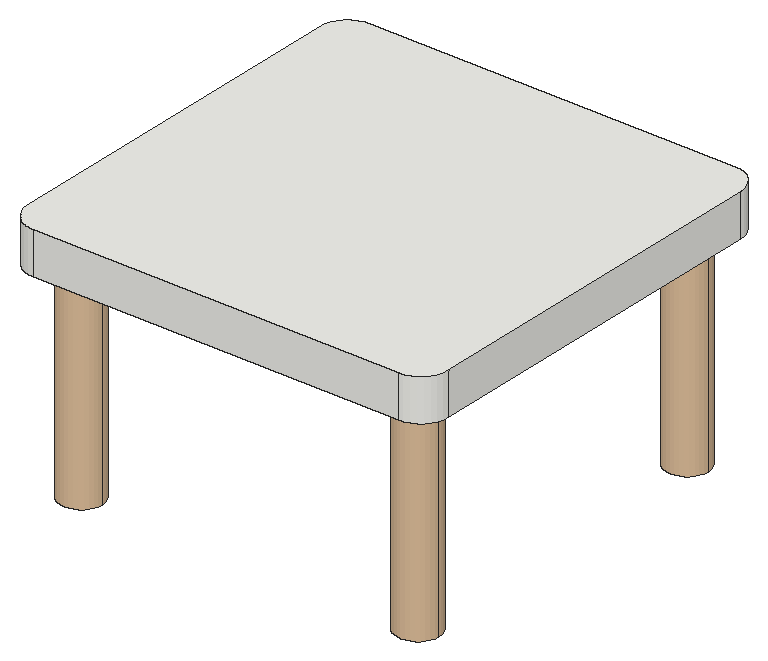
Revit family "Test family 5", category Furniture, Revit 2024
Family settings
  OmniClass Number = 23.40.20.14.17
  OmniClass Title = Residential Tables and Cabinets
  Work Plane-Based = No
  Enable Cutting in Views = No
  Always vertical = Yes
  Cut with Voids When Loaded = No
  Render Appearance Source = Family Geometry
  Shared = Yes
  Room Calculation Point = No
Parameters (values of type "0762 x 0762mm")
  Default Elevation = 0.00 mm
  Base Material = Wood - Birch
  Height = 457.00 mm
  Length = 762.00 mm
  Top Material = Laminate - Ivory, Matte
  Width = 762.00 mm
Types (4, lengths in mm): name | Height | Length | Width
  (no name) | 457.00 | 762.00 | 762.00
  0610 x 0160mm | 762.00 | 610.00 | 610.00
  0762 x 0762mm | 457.00 | 762.00 | 762.00
  0610 x 0915mm | 762.00 | 610.00 | 915.00
Reference planes
  plane 1: y = 152.4
  plane 2: z = 0
  plane 3 "Left": x = 3.734
  plane 4 "Right": x = 765.734
  plane 5 "Back": y = 533.4
  plane 6 "Front": y = -228.6
  plane 7: x = 384.734
Forms (mm)
  Extrusion 1, solid, material "Laminate - Ivory, Matte" <- "Top Material"
    sketch origin (0, 0, 0) x (1, 0, 0) y (0, 1, 0)
      loop
        line (54.534, -228.6) -> (714.934, -228.6)
        arc (714.934, -228.6) -> (750.855, -213.721) -> (765.734, -177.8) r 50.8
        line (765.734, -177.8) -> (765.734, 482.6)
        arc (765.734, 482.6) -> (750.855, 518.521) -> (714.934, 533.4) r 50.8
        line (714.934, 533.4) -> (54.534, 533.4)
        arc (54.534, 533.4) -> (18.613, 518.521) -> (3.734, 482.6) r 50.8
        line (3.734, 482.6) -> (3.734, -177.8)
        arc (3.734, -177.8) -> (18.613, -213.721) -> (54.534, -228.6) r 50.8
    from 380.8 to 457
  Extrusion 2, solid, material "Wood - Birch" <- "Base Material"
    sketch origin (0, 0, 0) x (1, 0, 0) y (0, 1, 0)
      loop
        circle (79.934, 457.2) r 38.1
      loop
        circle (79.934, -152.4) r 38.1
      loop
        circle (689.534, -152.4) r 38.1
      loop
        circle (689.534, 457.2) r 38.1
    from 0 to 380.8
Lines and regions (mm)
  Masking region 1
    outline origin (0, 0, 0) x (1, 0, 0) y (0, 1, 0)
      loop
        arc (54.534, 533.4) -> (18.613, 518.521) -> (3.734, 482.6) r 50.8
        line (3.734, 482.6) -> (3.734, -177.8)
        arc (3.734, -177.8) -> (18.613, -213.721) -> (54.534, -228.6) r 50.8
        line (54.534, -228.6) -> (714.934, -228.6)
        arc (714.934, -228.6) -> (750.855, -213.721) -> (765.734, -177.8) r 50.8
        line (765.734, -177.8) -> (765.734, 482.6)
        arc (765.734, 482.6) -> (750.855, 518.521) -> (714.934, 533.4) r 50.8
        line (714.934, 533.4) -> (54.534, 533.4)
Dimensions and locks
  locked: Extrusion 1 to Extrusion 1 at 76.2
  "Height": Extrusion 1 to plane 2
  locked: Extrusion 1 to Extrusion 2 sketch curve at 76.2  (x8)
  "Width": plane 5 "Back" to plane 6 "Front"
  "Length": plane 3 "Left" to plane 4 "Right"
  equal spacing: plane 5 "Back", plane 1, plane 6 "Front"
  equal spacing: plane 3 "Left", plane 7, plane 4 "Right"
  radius of Extrusion 1 sketch curve = 50.80 mm  (x4)
  aligned and locked: plane 2 to level
  aligned and locked: plane 6 "Front" to Extrusion 1 sketch curve
  aligned and locked: Extrusion 2 to Extrusion 1
  aligned and locked: Masking region 1 sketch curve to plane 5 "Back"
  aligned and locked: plane 3 "Left" to Masking region 1 sketch curve
  aligned and locked: plane 4 "Right" to Masking region 1 sketch curve
  aligned and locked: Masking region 1 sketch curve to plane 6 "Front"
  aligned: Masking region 1 sketch curve to Extrusion 1
Automatic sketch dimensions
  Extrusion 2 sketch curve to Extrusion 2 sketch curve = 38.10 mm  (x4)
  Extrusion 1 sketch curve to plane 3 "Left" = 0.00 mm
  Extrusion 1 sketch curve to plane 4 "Right" = 0.00 mm
  Extrusion 1 sketch curve to plane 5 "Back" = 0.00 mm
  plane 3 "Left" to Masking region 1 sketch curve = 50.80 mm  (x2)
  plane 4 "Right" to Masking region 1 sketch curve = 50.80 mm  (x2)
